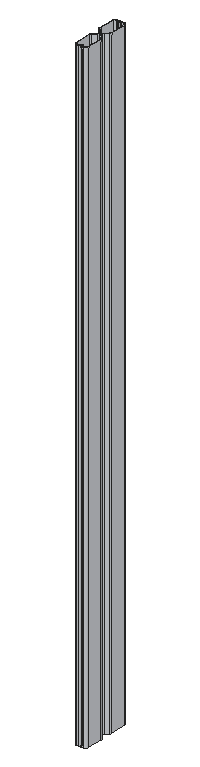
Revit family "SC_TubestC", category Structural Columns, Revit 2022
Family settings
  Section Shape = Not Defined
  Material for Model Behavior = Steel
  Always export as geometry = No
  Beam cutback in plan = From bounding box
  Cut with Voids When Loaded = No
  Symbolic Representation = From Project Settings
  Shared = No
  Show family pre-cut in plan views = Yes
Parameters (values of type "TUBEST C 200x50x3")
  e = 3 mm
  Structural Material [instance] = ASTM A36
  h = 10 mm
  R2 = 3 mm
  Offset_s = B / 2  # 25 mm
  B = 50 mm
  D = 20 mm
  Assembly Code = ""
  H = 200 mm
  R = 8 mm
Types (3, lengths in mm): name | Offset_s | B | H
  TUBEST C 300x75x3 | 37.5 | 75 | 300
  TUBEST C 250x75x3 | 37.5 | 75 | 250
  TUBEST C 200x50x3 | 25 | 50 | 200
Reference planes
  plane 1: y = 0
  plane 2: z = 0
  plane 3: x = 0
Forms (mm)
  Sweep 1, solid
    path origin (0, 0, 0) x (-1, 0, 0) y (0, 0, 1)
      loop
        line (0, 0) -> (0, 2500)
    profile "SigmaC : SigmaC" origin (0, 0, 1250) x (1, 0, 0) y (0, 1, 0)
      loop
        arc (22, 27.577) -> (21.391, 24.516) -> (19.657, 21.92) r 8
        line (19.657, 21.92) -> (5.515, 7.778)
        arc (5.515, 7.778) -> (3.13, 4.21) -> (2.293, 0) r 11
        arc (2.293, 0) -> (3.13, -4.21) -> (5.515, -7.778) r 11
        line (5.515, -7.778) -> (19.657, -21.92)
        arc (19.657, -21.92) -> (21.391, -24.516) -> (22, -27.577) r 8
        line (22, -27.577) -> (22, -89)
        arc (22, -89) -> (19.657, -94.657) -> (14, -97) r 8
        line (14, -97) -> (6, -97)
        arc (6, -97) -> (3.879, -96.121) -> (3, -94) r 3
        line (3, -94) -> (3, -90) -> (0, -90) -> (0, -94)
        arc (0, -94) -> (1.757, -98.243) -> (6, -100) r 6
        line (6, -100) -> (14, -100)
        arc (14, -100) -> (21.778, -96.778) -> (25, -89) r 11
        line (25, -89) -> (25, -27.577)
        arc (25, -27.577) -> (24.163, -23.368) -> (21.778, -19.799) r 11
        line (21.778, -19.799) -> (7.636, -5.657)
        arc (7.636, -5.657) -> (5.902, -3.061) -> (5.293, 0) r 8
        arc (5.293, 0) -> (5.902, 3.061) -> (7.636, 5.657) r 8
        line (7.636, 5.657) -> (21.778, 19.799)
        arc (21.778, 19.799) -> (24.163, 23.368) -> (25, 27.577) r 11
        line (25, 27.577) -> (25, 89)
        arc (25, 89) -> (21.778, 96.778) -> (14, 100) r 11
        line (14, 100) -> (6, 100)
        arc (6, 100) -> (1.757, 98.243) -> (0, 94) r 6
        line (0, 94) -> (0, 90) -> (3, 90) -> (3, 94)
        arc (3, 94) -> (3.879, 96.121) -> (6, 97) r 3
        line (6, 97) -> (14, 97)
        arc (14, 97) -> (19.657, 94.657) -> (22, 89) r 8
        line (22, 89) -> (22, 27.577)
  Sweep 2, solid
    path origin (0, 0, 0) x (1, 0, 0) y (0, 0, -1)
      loop
        line (0, 0) -> (0, -2500)
    profile "SigmaC : SigmaC" origin (0, 0, 1250) x (1, 0, 0) y (0, 1, 0)
      loop
        line (-22, 27.577) -> (-22, 89)
        arc (-22, 89) -> (-19.657, 94.657) -> (-14, 97) r 8
        line (-14, 97) -> (-6, 97)
        arc (-6, 97) -> (-3.879, 96.121) -> (-3, 94) r 3
        line (-3, 94) -> (-3, 90) -> (0, 90) -> (0, 94)
        arc (0, 94) -> (-1.757, 98.243) -> (-6, 100) r 6
        line (-6, 100) -> (-14, 100)
        arc (-14, 100) -> (-21.778, 96.778) -> (-25, 89) r 11
        line (-25, 89) -> (-25, 27.577)
        arc (-25, 27.577) -> (-24.163, 23.368) -> (-21.778, 19.799) r 11
        line (-21.778, 19.799) -> (-7.636, 5.657)
        arc (-7.636, 5.657) -> (-5.902, 3.061) -> (-5.293, 0) r 8
        arc (-5.293, 0) -> (-5.902, -3.061) -> (-7.636, -5.657) r 8
        line (-7.636, -5.657) -> (-21.778, -19.799)
        arc (-21.778, -19.799) -> (-24.163, -23.368) -> (-25, -27.577) r 11
        line (-25, -27.577) -> (-25, -89)
        arc (-25, -89) -> (-21.778, -96.778) -> (-14, -100) r 11
        line (-14, -100) -> (-6, -100)
        arc (-6, -100) -> (-1.757, -98.243) -> (0, -94) r 6
        line (0, -94) -> (0, -90) -> (-3, -90) -> (-3, -94)
        arc (-3, -94) -> (-3.879, -96.121) -> (-6, -97) r 3
        line (-6, -97) -> (-14, -97)
        arc (-14, -97) -> (-19.657, -94.657) -> (-22, -89) r 8
        line (-22, -89) -> (-22, -27.577)
        arc (-22, -27.577) -> (-21.391, -24.516) -> (-19.657, -21.92) r 8
        line (-19.657, -21.92) -> (-5.515, -7.778)
        arc (-5.515, -7.778) -> (-3.13, -4.21) -> (-2.293, 0) r 11
        arc (-2.293, 0) -> (-3.13, 4.21) -> (-5.515, 7.778) r 11
        line (-5.515, 7.778) -> (-19.657, 21.92)
        arc (-19.657, 21.92) -> (-21.391, 24.516) -> (-22, 27.577) r 8
Dimensions and locks
  aligned and locked: level to plane 2
Automatic sketch dimensions
  Sweep 1 sketch curve to level = 0 mm  (x2)
  Sweep 1 sketch curve to plane 3 = 0 mm
  Sweep 2 sketch curve to level = 0 mm  (x2)
  Sweep 2 sketch curve to plane 3 = 0 mm
